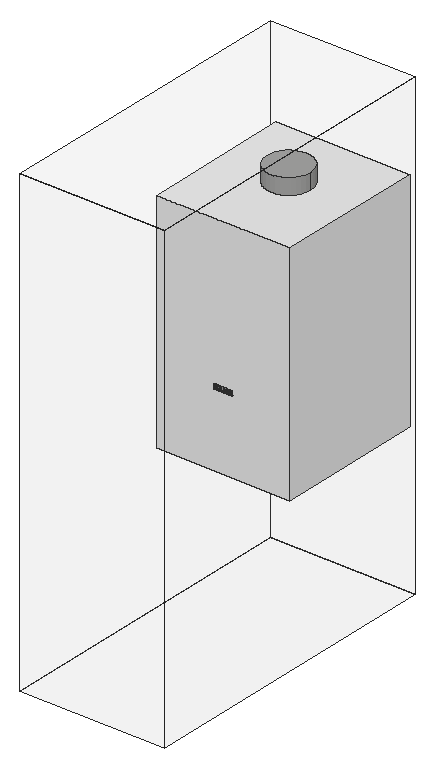
Revit family "Sirius_two_WH_70kW_LOD-3", category Mechanical Equipment, Revit 2014
Parameters (values of type "70kW")
  Weekly = "0"
  Water Treatment Required = yes
  Water Content = 6.0 L
  Warranty ID = "See manufacturers website for warranty options and T&C's"
  Voltage = 230 V
  Uniclass2015 = "Pr_60_60_08"
  URL = ""
  Type = ""
  Turndown Ratio = "9:1"
  Supply Phase = 1
  Starting Current = 0 A
  Sound Pressure Level = "62 dBA"
  Shipping Weight = 60.00 kg
  Shape = "Rectangular (Vertical)"
  Safety Valve Connection Type = "Threaded"
  Safety Valve Connection Size = 12.7 mm
  Responsible Sourcing of Materials = "0"
  Responsible Extraction of Materials = "0"
  Reference Standard = "ISO 9001; ISO 14001"
  Rated Output = 65000 W
  Rated Criteria = "80/60"
  Quarterly = "0"
  Product Range = "Sirius two WH (70kW)"
  Product Model Number = "5138530"
  Product Literature = "http://www.pottertoncommercial.co.uk/products/stainless-steel/sirius-two-wh.htm"
  Primary Fuel = "Gas - NG"
  Overall Width = 450 mm
  Overall Length = 505 mm
  Overall Height = 763 mm
  Optional Fuel = "Gas - LPG"
  Operation and Maintenance Manual = "http://www.pottertoncommercial.co.uk/products/stainless-steel/sirius-two-wh.htm"
  Oil Consumption rate = 0
  Nominal Oil Inlet Pressure = 0.0 bar
  Nominal Gas Inlet Pressure = 0.02 bar
  NOx Emissions = "34.8 mg/kWh"
  Mounting = "Wall Mounted"
  Monthly = "0"
  Model = "SIRIUS two WH70"  # constant formula
  Minimum Power Consumption = 20 W
  Minimum Operating Pressure = 1.0 bar
  Minimum Oil Inlet Pressure = 0.0 bar
  Minimum Gas Inlet Pressure = 0.018 bar
  Minimum Flow Rate at 20C temperature differential = 0.780 L/s
  Minimum Flow Rate at 11C temperature differential = 1.040 L/s
  Maximum Power Consumption = 95 W
  Maximum Operating Pressure = 4.0 bar
  Maximum Oil Inlet Pressure = 0.0 bar
  Maximum Gas Inlet Pressure = 0.0 bar
  Material Ingredient Reporting = "0"
  Manufacturer Website = "http://www.pottertoncommercial.co.uk/index.htm"
  Manufacturer = "Potterton Commercial"  # constant formula
  Maintenance Required 8001 to 12000hrs = "0"
  Maintenance Required 601 to 1000hrs = "0"
  Maintenance Required 4001 to 8000hrs = "0"
  Maintenance Required 301 to 600hrs = "0"
  Maintenance Required 2001 to 4000hrs = "0"
  Maintenance Required 1001 to 2000hrs = "0"
  Maintenance Required 0 to 300hrs = "0"
  Location of Manufacturer = "0"
  Life Cycle Analysis = "0"
  Interlocks = yes
  IfcExportType = "NOTDEFINED"  # constant formula
  IfcExportAs = "IfcBoilerType"  # constant formula
  IP Rating = "IPX5D"
  IK Rating = "0"
  Hydraulic Resistance at 20C temperature differential = 0.03 bar
  Hydraulic Resistance at 11C temperature differential = 0.045 bar
  Heater Operation = "Condensing"
  Heat Exchanger Material = "Stainless Steel"
  Gross Weight = 50.00 kg
  Green Guide for Specification = "0"
  Gas Consumption rate = "7.07 m3/h"
  Fuse Rating = 0 A
  Full Load Current = 0 A
  Fuel Connection Type = "Threaded"
  Fuel Connection Size = 483.87 mm
  Frequency = 50 Hz
  Flue or Air Intake Classification = "C13; C33; B23"
  Flue Connection size = 80 mm
  Flow and Return Connection Type = "Threaded"
  Flow and Return Connection Size = 645.16 mm
  Finish = "Powder coated"
  Features = "Wall hung boiler, stainless steel heat exchanger, 9:1 modulation, integral pump option"
  External Material = "Steel"
  Expected Life = ">10 years"
  ErP Seasonal Efficiency = "92 %"
  ErP Rated Efficiency at Part Load = "96.5 %"
  ErP Rated Efficiency at Full Load = "87.6 %"
  ErP Energy Label = "A"
  Environmental Product Declaration = "0"
  Energy Technology List = "https://etl.decc.gov.uk/engetl/fox/live/ETL_PUBLIC_PRODUCT_SEARCH/product?PROD_ID=72395"
  Embodied Carbon = "0"
  Drain Connection Type = "Plain"
  Drain Connection Size = 0 mm
  Description = ""
  Daily = "0"
  Control Type = "Optimised, modulating, weather compensating, BMS compatible"
  Configuration = "Single boiler"
  Condensate Drain Type = "Plain"
  Condensate Drain Size = 22 mm
  Colour = "White"
  Clearance Box Visibility [instance] = yes
  CE Mark = "CE-0085CM0128"
  Burner Control Type = "Modulating"
  Building Regulations Seasonal Efficiency = "96.1 %"
  Bespoke Timeframe = "0"
  BMS Links = yes
  Annually = "Annual service according to manufacturers guidance."
  Air Inlet Connection Size = 125 mm
  Additional Technical Details = "http://www.pottertoncommercial.co.uk/products/stainless-steel/sirius-two-wh.htm"
  Access Clearance Top = 300 mm
  Access Clearance Right = 20 mm
  Access Clearance Rear = 0 mm
  Access Clearance Left = 20 mm
  Access Clearance Front = 550 mm
  Access Clearance Bottom = 500 mm
  6 Monthly = "0"
Reference planes
  plane 1 "Center (Front/Back)": y = 0
  plane 2: z = 0
  plane 3 "Center (Left/Right)": x = 0
Forms (mm)
  Extrusion 1, solid, material "Potterton Sirius WH - Cover"
    sketch origin (0, 0, 0) x (1, 0, 0) y (0, 1, 0)
      loop
        line (-225, 0) -> (-225, -505) -> (225, -505) -> (225, 0) -> (217, 0) -> (217, -475) -> (-217, -475) -> (-217, 0) -> (-225, 0)
    from 0 to 763
  Extrusion 2, solid, material "Potterton Sirius FS - Logo"
    sketch origin (-369.668, -504.852, 160.982) x (1, 0, 0) y (0, 0, 1)
      loop
        arc (342.971, 100.811) -> (344.366, 99.416) -> (342.971, 98.02) r 1.395
        line (342.971, 98.02) -> (339.501, 98.02) -> (339.501, 93.964) -> (341.208, 93.964) -> (341.208, 96.293) -> (342.971, 96.293)
        arc (342.971, 96.293) -> (344.738, 96.848) -> (345.87, 98.315) r 3.088
        arc (345.87, 98.315) -> (351.536, 94.006) -> (353.627, 100.811) r 4.341
        line (353.627, 100.811) -> (355.933, 100.811) -> (355.933, 93.964) -> (357.701, 93.964) -> (357.701, 100.811) -> (361.06, 100.811) -> (361.06, 93.964) -> (362.813, 93.964) -> (362.813, 100.811) -> (366.054, 100.811) -> (366.054, 93.964) -> (372.032, 93.964) -> (372.032, 95.63) -> (367.807, 95.63) -> (367.807, 97.433) -> (371.262, 97.433)
        arc (371.262, 97.433) -> (372.08, 98.251) -> (371.262, 99.069) r 0.818
        line (371.262, 99.069) -> (367.807, 99.069) -> (367.807, 100.811) -> (375.58, 100.811)
        arc (375.58, 100.811) -> (376.451, 99.94) -> (375.58, 99.069) r 0.871
        line (375.58, 99.069) -> (373.302, 99.069)
        arc (373.302, 99.069) -> (372.52, 98.49) -> (372.845, 97.573) r 0.818
        line (372.845, 97.573) -> (381.32, 91.867)
        arc (381.32, 91.867) -> (382.144, 91.832) -> (382.566, 92.541) r 0.805
        line (382.566, 92.541) -> (382.566, 100.811) -> (385.072, 100.811)
        arc (385.072, 100.811) -> (386.619, 94.222) -> (392.72, 97.151) r 4.341
        line (392.72, 97.151) -> (392.72, 93.964) -> (394.487, 93.964) -> (394.487, 99.069) -> (398.739, 94.236)
        arc (398.739, 94.236) -> (399.755, 93.983) -> (400.351, 94.844) r 0.921
        line (400.351, 94.844) -> (400.351, 101.682)
        arc (400.351, 101.682) -> (399.452, 102.581) -> (398.554, 101.682) r 0.899
        line (398.554, 101.682) -> (398.554, 97.165) -> (394.162, 102.301)
        arc (394.162, 102.301) -> (393.255, 102.537) -> (392.72, 101.768) r 0.819
        line (392.72, 101.768) -> (392.72, 99.124)
        arc (392.72, 99.124) -> (391.302, 101.447) -> (388.78, 102.469) r 4.341
        line (388.78, 102.469) -> (379.034, 102.469)
        arc (379.034, 102.469) -> (378.205, 101.64) -> (379.034, 100.811) r 0.829
        line (379.034, 100.811) -> (380.772, 100.811) -> (380.772, 94.179) -> (375.58, 97.707)
        arc (375.58, 97.707) -> (377.961, 100.088) -> (375.58, 102.469) r 2.381
        line (375.58, 102.469) -> (353.905, 102.469)
        arc (353.905, 102.469) -> (353.223, 102.111) -> (353.129, 101.347) r 0.829
        arc (353.129, 101.347) -> (349.064, 102.325) -> (346.059, 99.418) r 4.341
        arc (346.059, 99.418) -> (345.142, 101.577) -> (342.971, 102.469) r 3.088
        line (342.971, 102.469) -> (339.417, 102.469)
        arc (339.417, 102.469) -> (338.587, 101.64) -> (339.417, 100.811) r 0.829
        line (339.417, 100.811) -> (342.971, 100.811)
      loop
        line (384.051, 92.773) -> (384.051, 91.973) -> (400.157, 91.973) -> (400.157, 92.773) -> (384.051, 92.773)
      loop
        line (339.501, 92.773) -> (339.501, 91.973) -> (378.488, 91.973) -> (378.488, 92.773) -> (339.501, 92.773)
      loop
        arc (340.058, 88.937) -> (338.522, 87.401) -> (340.058, 85.864) r 1.537
        line (340.058, 85.864) -> (399.258, 85.864)
        arc (399.258, 85.864) -> (400.795, 87.401) -> (399.258, 88.937) r 1.537
        line (399.258, 88.937) -> (340.058, 88.937)
      loop
        circle (350.207, 98.138) r 2.591
      loop
        circle (342.971, 99.416) r 0.875
      loop
        circle (388.493, 98.138) r 2.591
    from 0.148 to 1
  Sweep 3, solid
    path origin (0, 0, -3) x (1, 0, 0) y (0, 0, 1)
      loop
        line (0, 766) -> (0, 819)
    profile origin (0, 0, 789.5) x (-1, 0, 0) y (0, -1, 0)
      loop
        circle (0, 229) r 73.5
  Extrusion 4, solid, material "Potterton Sirius WH - Cover"
    sketch origin (0, 0, 0) x (1, 0, 0) y (0, 1, 0)
      loop
        line (-217, 0) -> (-217, -475) -> (217, -475) -> (217, 0) -> (-217, 0)
    from 55 to 763
  Sweep 5, solid
    path origin (0, 0, 0) x (1, 0, 0) y (0, 0, 1)
      loop
        line (0, 55) -> (0, 7)
    profile origin (0, 0, 31) x (0, -1, 0) y (1, 0, 0)
      loop
        circle (95, 102) r 12.7
      loop
        circle (95, 2) r 12.7
      loop
        circle (95, -98) r 9.525
      loop
        circle (67, -177) r 11
  Extrusion 6, solid, material "Glass - Clear - Amber", visible <- "Clearance Box Visibility"
    sketch origin (0, 0, 0) x (1, 0, 0) y (0, 1, 0)
      loop
        line (-245, 0) -> (-245, -1055) -> (245, -1055) -> (245, 0) -> (-245, 0)
    from -500 to 1063
Cuts and joins
  joined: Extrusion 1, Extrusion 4
Dimensions and locks
  locked: Sweep 3 sketch curve to profile plane at 229
  locked: Sweep 5 sketch curve to cut or joined group of Extrusion 1, Extrusion 4 at 123
  locked: Sweep 5 sketch curve to plane 1 "Center (Front/Back)" at 95
  locked: Sweep 5 sketch curve to Sweep 5 sketch curve at 100  (x2)
  locked: Sweep 5 sketch curve to plane 1 "Center (Front/Back)" at 67
  locked: cut or joined group of Extrusion 1, Extrusion 4 to Sweep 5 sketch curve at 48
  aligned and locked: level to plane 2
  aligned and locked: plane 1 "Center (Front/Back)" to Extrusion 1 sketch curve
  aligned and locked: Extrusion 1 to level
  aligned and locked: profile plane to Sweep 3 sketch curve
  aligned and locked: Extrusion 4 sketch curve to cut or joined group of Extrusion 1, Extrusion 4  (x3)
  aligned and locked: Sweep 5 sketch curve to cut or joined group of Extrusion 1, Extrusion 4
  aligned and locked: Sweep 5 sketch curve to plane 3 "Center (Left/Right)"
  aligned and locked: plane 1 "Center (Front/Back)" to Extrusion 6 sketch curve
Connectors
  piping at (2, -95, 7), diameter 25.4
    settings: on Sweep 5, index 1, connector inside diameter 609.6 mm, connector length 0 mm, flow factor 0, pipe flow 0.000 L/s, pressure drop 0.0 bar, fitting loss kfactor 0, connector angle 0.00°, fixture units 0, engagement length 0 mm, angle of deflection 0.00°, flow configuration 1, flow direction 2, fitting loss method 0, system type 7, joint type 0, gender type 0, connector reference index -1, connector utility 0, adjustable connector no, is connector primary yes, connector description "Supply"
  piping at (102, -95, 7), diameter 25.4
    settings: on Sweep 5, index 2, connector inside diameter 609.6 mm, connector length 0 mm, flow factor 0, pipe flow 0.000 L/s, pressure drop 0.0 bar, fitting loss kfactor 0, connector angle 0.00°, fixture units 0, engagement length 0 mm, angle of deflection 0.00°, flow configuration 0, flow direction 1, fitting loss method 0, system type 8, joint type 0, gender type 0, connector reference index -1, connector utility 0, adjustable connector no, is connector primary no, connector description "Return"
  piping at (-98, -95, 7), diameter 19.1
    settings: on Sweep 5, index 3, connector inside diameter 609.6 mm, connector length 0 mm, flow factor 0, pipe flow 0.000 L/s, pressure drop 0.0 bar, fitting loss kfactor 0, connector angle 0.00°, fixture units 0, engagement length 0 mm, angle of deflection 0.00°, flow configuration 1, flow direction 1, fitting loss method 0, system type 22, joint type 0, gender type 0, connector reference index -1, connector utility 0, adjustable connector no, is connector primary no, connector description "Gas"
  piping at (-177, -67, 7), diameter 22
    settings: on Sweep 5, index 4, connector inside diameter 609.6 mm, connector length 0 mm, flow factor 0, pipe flow 0.000 L/s, pressure drop 0.0 bar, fitting loss kfactor 0, connector angle 0.00°, fixture units 0, engagement length 0 mm, angle of deflection 0.00°, flow configuration 1, flow direction 2, fitting loss method 0, system type 22, joint type 0, gender type 0, connector reference index -1, connector utility 0, adjustable connector no, is connector primary no, connector description "Drain"
  hvac at (0, -229, 816)
    settings: on Sweep 3, index 6, duct flow 0.0 m³/h, flow factor 0, pres drop 0.0 bar, loss coef 0, conn angle 0.00°, conn width 304.8 mm, conn height 304.8 mm, conn diameter 0 mm, duct sys type 3, conn prof type 0, flow config 1, flow direction 2, loss method 0, conn ref index -1, conn util no, is conn primary yes, conn desc "Flue"
